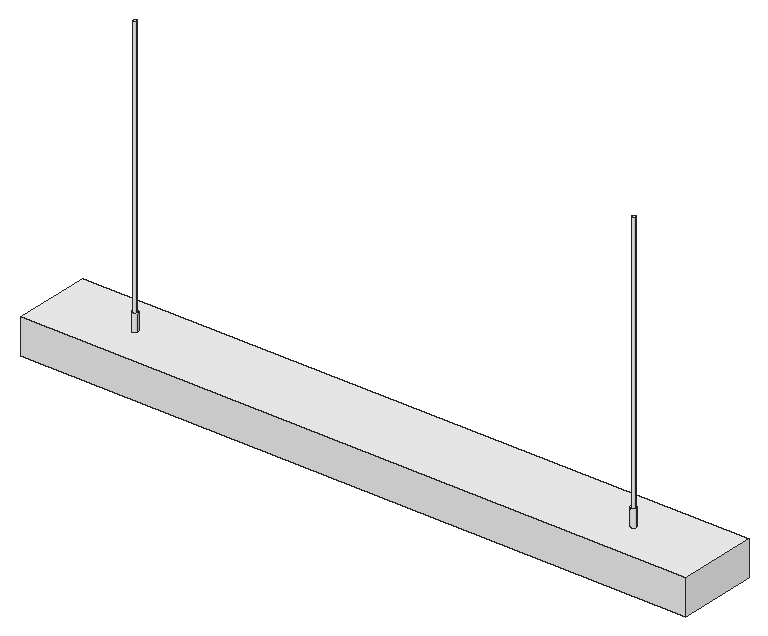
Revit family "Box Lean D - Ceiling based", category Lighting Fixtures, host Ceiling, Revit 2014
Parameters (values of type "Box Lean D 1200")
  Wattage = 21 W
  WarrantyGuarantorParts = "n/a"
  WarrantyDurationParts = "n/a"
  WarrantyDescription = "n/a"
  built-in parameter 1150110 = 1 (stored number, unit not read)
  Void = no
  Version = "v.1.0"
  Uniclass2 = "Pr_70_70_49_43 Light-Emitting Diode (LED) Luminaires"
  Uniclass 1.4 = "JY73"
  TotalWattage = "Max. 15W / 23W / 33W / 40W"
  built-in parameter 1114217 = 1 (stored number, unit not read)
  Tilt Angle = 90.00°
  built-in parameter 1150109 = 1 (stored number, unit not read)
  built-in parameter 1150134 = 12
  TagNumber = "n/a"
  SustainabilityPerformance = "n/a"
  Suspended Distance Bottom = Suspended Distance + Height 1  # 563 mm
  Suspended Distance = 500 mm
  built-in parameter 1150113 = 1 (stored number, unit not read)
  SupplyCircuitConductorConnections = "n/a"
  Size = "142 x 1200 x 63 mm"
  Shape = "Rectangle"
  ProductInformation = "http://riegens.com/box-lean"
  PhotometricPerformance = "In accordance with BS EN 13032-1"
  Photometric Web File = "Box Lean 1200 21W 4000K Satinmatt.ies"
  PhaseReference = "IEC recommendations"
  Optic = "Satin-matt double parabolic louvre (DP-SM)"
  NominalVoltage = "220-240V"
  ModelReference = "Box Lean D 1200"
  Material = "Steel, lens optic in PMMA, double parabolic louvre in Miro finish"
  ManufacturersSpecificInformation = "n/a"
  ManufacturerURL = "www.riegens.com"
  Manufacturer = "Riegens A/S"
  built-in parameter 1150105 = 178.81 (stored number, unit not read)
  Lumens = 2247 lm
  LuminaireType = "Direct LED Luminaire"
  LuminairePowerFactor = ">0,9"
  built-in parameter 1150115 = 1 (stored number, unit not read)
  LightSource = "LED 3000K / 4000K"
  LightFixturePlacingType = "Ceiling"
  LightFixtureMountingType = "Surface / Suspended"
  built-in parameter 1150137 = (empty or 0)
  built-in parameter 1150139 = (empty or 0)
  LampType = "LED"
  LampRating = "13W / 21W / 31W / 38W\r\n13W / 21W / 31W / 38W\r\n13W / 21W / 31W / 38W\r\n13W / 21W / 31W / 38W\r\n13W / 21W / 31W / 38W"
  LampColourRenderingIndex = "Ra>80"
  built-in parameter 1150112 = 1 (stored number, unit not read)
  built-in parameter 1150114 = 1 (stored number, unit not read)
  InternalFuse = "Only required in emergency versions"
  InsulationStandardClass = "Class 1"
  built-in parameter 1150132 = (empty or 0)
  built-in parameter 1150102 = (empty or 0)
  built-in parameter 1150107 = 4000 (stored number, unit not read)
  built-in parameter 1150138 = (empty or 0)
  built-in parameter 1150106 = 1.7881 (stored number, unit not read)
  IfcExportType = "NOTDEFINED"
  IfcExportAs = "IfcLightFixtureType"
  IP_Code = "IP20"
  Height 1 = 63 mm
  HasProtectiveEarth = "TRUE"
  Grade = "n/a"
  Glass = Riegens_Glass_opal
  Frame Width = 1200 mm
  Frame Depth = 142 mm
  Frame = Riegens_Steel_Powder coated white RAL901025
  Fixing point Suspended = 900 mm
  Fixing point Surface = 980 mm
  Fixing point Height = if(Suspended Distance = 0 mm, 5 mm, 30 mm)  # 30 mm
  Finish = "Powder coated"
  Features = "n/a"
  built-in parameter 1150104 = 9.9406 (stored number, unit not read)
  Documentation = "See URL hyperlink"
  DocumentReference = "See URL hyperlink"
  Dimming Lamp Color Temperature Shift = <None>
  Description = "70-80-35 General Lighting Systems"
  ControlGearPosition = "Integrated "
  Constituents = "n/a"
  Colour = "White"
  Color Filter = 16777215
  CodePerformance = "n/a"
  Cassette Width = 0 mm
  Cassette Depth = 0 mm
  CCSTopnode = "L"
  CCSClassName = "Belysningsarmatur"
  CCSClassCode = "UAC"
  BarCode = "n/a"
  BallastsCELMAEnergyEfficiencyIndex = "Class A1/A2"
  built-in parameter 1114218 = 1 (stored number, unit not read)
  BSAB 96 = "SNB.2"
  BIMObjectName = "Box Lean D 1200.rfa"
  Author = "3dbyggeri"
  built-in parameter 1150133 = 10 (stored number, unit not read)
  AssetType = "Moveable/Fixed"
  AssetIdentifier = "n/a"
  ArticleNumber = "See URL hyperlink"
  AccessibilityPerformance = "n/a"
Types (2, lengths in mm): name | Wattage | TotalWattage | Size | Photometric Web File | ModelReference | built-in parameter 1150105 | Lumens | LampRating | built-in parameter 1150106 | Frame Width | Fixing point Suspended | Fixing point Surface | built-in parameter 1150104 | BIMObjectName
  Box Lean D 1200 | 21 W | "Max. 15W / 23W / 33W / 40W" | "142 x 1200 x 63 mm" | "Box Lean 1200 21W 4000K Satinmatt.ies" | "Box Lean D 1200" | 178.81 (stored number, unit not read) | 2247 lm | "13W / 21W / 31W / 38W\r\n13W / 21W / 31W / 38W\r\n13W / 21W / 31W / 38W\r\n13W / 21W / 31W / 38W\r\n13W / 21W / 31W / 38W" | 1.7881 (stored number, unit not read) | 1200 | 900 | 980 | 9.9406 (stored number, unit not read) | "Box Lean D 1200.rfa"
  Box Lean D 1500 | 48 W | "Max. 50W" | "142 x 1500 x 63 mm" | "Box Lean 1500 48W 4000K DP Satinmatt.ies" | "Box Lean D 1500" | 370.51 (stored number, unit not read) | 4656 lm | "48W" | 3.7051 (stored number, unit not read) | 1500 | 1200 | 1280 | 9.0116 (stored number, unit not read) | "Box Lean D 1500.rfa"
Reference planes
  plane 1 "Center (Front/Back)": y = 0
  plane 2: z = 0
  plane 3 "Center (Left/Right)": x = 0
  plane 4 "Ceiling": z = 4000
  plane 5: z = 3437
Dimensions and locks
  equal spacing: host sketch curve, plane 3 "Center (Left/Right)", host sketch curve
  equal spacing: host sketch curve, plane 1 "Center (Front/Back)", host sketch curve
  host sketch curve to host sketch curve = 4000 mm  (x2)
  locked: plane 4 "Ceiling" to host ceiling at 0
  "Suspended Distance Bottom": plane 5 to plane 4 "Ceiling"
  "Suspended Distance": plane 4 "Ceiling" to nested 1
  aligned and locked: plane 5 to nested 1
  aligned and locked: plane 3 "Center (Left/Right)" to nested 1
  aligned and locked: plane 1 "Center (Front/Back)" to nested 1
  aligned and locked: plane 5 to imposter light
Nested families
  nested 1: "Boxlean" at (0, 0, 3437), type "Boxlean"
Connectors
  electrical at (0, 0, 3500)
    settings: on nested 1, index 1, voltage 0 V, apparent load 0 VA, apparent load phase1 0 VA, apparent load phase2 0 VA, apparent load phase3 0 VA, power factor 1, load classification "Other", number of poles 1, system type 31, power factor state 1, is connector primary yes, connector utility no, sub classification motor no, connector description ""
Definition of nested family "Boxlean"
  Parameters (values of type "Boxlean")
    Void Thickness = if(Void, -2 mm, 2 mm)  # 2 mm
    Void = no
    Suspended Distance = 500 mm
    Height 1 = 63 mm
    Glass = Riegens_Glass_opal
    Frame Width = 1200 mm
    Frame Depth = 142 mm
    Frame = Riegens_Steel_Powder coated white RAL901025
    Fixing point Suspended = 900 mm
    Fixing point Height = 30 mm
  Reference planes
    plane 1 "Center (Front/Back)": y = 0
    plane 2: z = 0
    plane 3 "Center (Left/Right)": x = 0
    plane 4: x = -600
    plane 5: x = 600
    plane 6: y = 71
    plane 7: y = -71
    plane 8: y = 41
    plane 9: y = -41
    plane 10: x = -578
    plane 11: x = 578
    plane 12: x = -280
    plane 13: x = 280
    plane 14: y = 17.5
    plane 15: y = -17.5
    plane 16: z = 63
    plane 17: x = -450
    plane 18: x = 450
    plane 19: z = 93
    plane 20: z = 93
  Forms (mm)
    Extrusion 1, solid, material "Riegens_Steel_Powder coated white RAL901025" <- "Frame"
      sketch origin (185, 184, 0) x (1, 0, 0) y (0, 1, 0)
        loop
          line (-785, -113) -> (-785, -255) -> (415, -255) -> (415, -113) -> (-785, -113)
      from 0 to 63
    Extrusion 2, void
      sketch origin (0, 0, 0) x (1, 0, 0) y (0, 1, 0)
        loop
          line (-578, 41) -> (-578, -41) -> (578, -41) -> (578, 41) -> (-578, 41)
      from 0.5 to 0
    Extrusion 3, solid, material "Riegens_Glass_opal" <- "Glass"
      sketch origin (0, 0, 0) x (1, 0, 0) y (0, 1, 0)
        loop
          line (-578, 41) -> (-578, -41) -> (578, -41) -> (578, 41) -> (-578, 41)
      from 0.5 to 0
    Extrusion 4, solid, material "Riegens_Steel_Powder coated white RAL901025" <- "Frame"
      sketch origin (-1162.9, -1524, 63) x (-1, 0, 0) y (0, -1, 0)
        loop
          circle (-712.9, -1524) r 5
      from 0 to 30
    Extrusion 5, solid, material "Riegens_Steel_Powder coated white RAL901025" <- "Frame"
      sketch origin (-1162.9, -1524, 63) x (-1, 0, 0) y (0, -1, 0)
        loop
          circle (-1612.9, -1524) r 5
      from 0 to 30
    Extrusion 6, solid, material "Riegens_Steel_Powder coated white RAL901025" <- "Frame"
      sketch origin (-62.799, -1524, 93) x (-1, 0, 0) y (0, -1, 0)
        loop
          circle (-512.799, -1524) r 3
      from 0 to 470
    Extrusion 7, solid, material "Riegens_Steel_Powder coated white RAL901025" <- "Frame"
      sketch origin (-62.799, -1524, 93) x (-1, 0, 0) y (0, -1, 0)
        loop
          circle (387.201, -1524) r 3
      from 0 to 470
  Cuts and joins
    Extrusion 2 cuts Extrusion 1
  Lines and regions (mm)
    reference lines
      curve 1: line (-100.514, 0, 563) -> (99.486, 0, 563)
    model lines
      curve 2: line (-578, -41, 0) -> (-578, 41, 0)
      curve 3: line (578, -41, 0) -> (578, 41, 0)
      curve 4: line (-544.971, -41, 0) -> (-544.971, 41, 0)
      curve 5: line (-511.943, -41, 0) -> (-511.943, 41, 0)
      curve 6: line (-478.914, -41, 0) -> (-478.914, 41, 0)
      curve 7: line (-445.886, -41, 0) -> (-445.886, 41, 0)
      curve 8: line (-412.857, -41, 0) -> (-412.857, 41, 0)
      curve 9: line (-379.829, -41, 0) -> (-379.829, 41, 0)
      curve 10: line (-346.8, -41, 0) -> (-346.8, 41, 0)
      curve 11: line (-313.771, -41, 0) -> (-313.771, 41, 0)
      curve 12: line (-280.743, -41, 0) -> (-280.743, 41, 0)
      curve 13: line (-247.714, -41, 0) -> (-247.714, 41, 0)
      curve 14: line (-214.686, -41, 0) -> (-214.686, 41, 0)
      curve 15: line (-181.657, -41, 0) -> (-181.657, 41, 0)
      curve 16: line (-148.629, -41, 0) -> (-148.629, 41, 0)
      curve 17: line (-115.6, -41, 0) -> (-115.6, 41, 0)
      curve 18: line (-82.571, -41, 0) -> (-82.571, 41, 0)
      curve 19: line (-49.543, -41, 0) -> (-49.543, 41, 0)
      curve 20: line (-16.514, -41, 0) -> (-16.514, 41, 0)
      curve 21: line (16.514, -41, 0) -> (16.514, 41, 0)
      curve 22: line (49.543, -41, 0) -> (49.543, 41, 0)
      curve 23: line (82.571, -41, 0) -> (82.571, 41, 0)
      curve 24: line (115.6, -41, 0) -> (115.6, 41, 0)
      curve 25: line (148.629, -41, 0) -> (148.629, 41, 0)
      curve 26: line (181.657, -41, 0) -> (181.657, 41, 0)
      curve 27: line (214.686, -41, 0) -> (214.686, 41, 0)
      curve 28: line (247.714, -41, 0) -> (247.714, 41, 0)
      curve 29: line (280.743, -41, 0) -> (280.743, 41, 0)
      curve 30: line (313.771, -41, 0) -> (313.771, 41, 0)
      curve 31: line (346.8, -41, 0) -> (346.8, 41, 0)
      curve 32: line (379.829, -41, 0) -> (379.829, 41, 0)
      curve 33: line (412.857, -41, 0) -> (412.857, 41, 0)
      curve 34: line (445.886, -41, 0) -> (445.886, 41, 0)
      curve 35: line (478.914, -41, 0) -> (478.914, 41, 0)
      curve 36: line (511.943, -41, 0) -> (511.943, 41, 0)
      curve 37: line (544.971, -41, 0) -> (544.971, 41, 0)
  Dimensions and locks
    "Frame Width": plane 4 to plane 5
    "Frame Depth": plane 6 to plane 7
    locked: plane 12 to plane 13 at 560
    plane 14 to plane 15 = 35 mm
    equal spacing: plane 4, plane 3 "Center (Left/Right)", plane 5
    locked: plane 4 to plane 10 at 22
    locked: plane 11 to plane 5 at 22
    equal spacing: plane 12, plane 3 "Center (Left/Right)", plane 13
    equal spacing: plane 6, plane 1 "Center (Front/Back)", plane 7
    equal spacing: plane 14, plane 1 "Center (Front/Back)", plane 15
    locked: plane 6 to plane 8 at 30
    locked: plane 9 to plane 7 at 30
    "Height 1": plane 16 to plane 2
    "Suspended Distance": curve 1 to plane 16
    equal spacing: group 1, group 3, group 4, group 5, group 6, group 7, group 8, group 9, group 10, group 11, group 12, group 13, group 14, group 15, group 16, group 17, group 18, group 19, group 20, group 21, group 22, group 23, group 24, group 25, group 26, group 27, group 28, group 29, group 30, group 31, group 32, group 33, group 34, group 35, group 36, group 2  (x3)
    equal spacing: plane 17, plane 3 "Center (Left/Right)", plane 18
    "Fixing point Suspended": plane 17 to plane 18
    cut or joined group of Extrusion 1, Extrusion 2 to plane 19 = 30 mm
    "Fixing point Height": plane 20 to plane 16
    aligned and locked: Extrusion 1 to plane 4
    aligned and locked: Extrusion 1 to plane 5
    aligned and locked: plane 7 to Extrusion 1
    aligned and locked: plane 6 to Extrusion 1
    aligned and locked: Extrusion 3 to plane 8
    aligned and locked: Extrusion 3 to plane 9
    aligned and locked: plane 10 to Extrusion 3
    aligned and locked: plane 11 to Extrusion 3
    aligned and locked: plane 17 to Extrusion 4 sketch curve
    aligned and locked: plane 18 to Extrusion 5 sketch curve
    aligned and locked: plane 18 to Extrusion 6 sketch curve
    aligned and locked: plane 17 to Extrusion 7 sketch curve
    aligned and locked: curve 3 to Extrusion 3
    aligned and locked: curve 2 to Extrusion 3
    aligned and locked: plane 16 to cut or joined group of Extrusion 1, Extrusion 2
    aligned and locked: Extrusion 5 to plane 16
    aligned and locked: Extrusion 4 to plane 16
    aligned and locked: plane 20 to Extrusion 4
    aligned and locked: plane 20 to Extrusion 5
    aligned and locked: plane 20 to plane 19
    aligned and locked: curve 1 to Extrusion 7
    aligned and locked: Extrusion 6 to curve 1
  Automatic sketch dimensions
    Extrusion 1 sketch curve to plane 4 = 0 mm
    Extrusion 1 sketch curve to plane 5 = 0 mm
    plane 7 to Extrusion 1 sketch curve = 0 mm
    Extrusion 1 sketch curve to plane 6 = 0 mm
    Extrusion 2 sketch curve to plane 9 = 0 mm
    Extrusion 2 sketch curve to plane 10 = 0 mm
    Extrusion 2 sketch curve to plane 11 = 0 mm
    plane 8 to Extrusion 2 sketch curve = 0 mm
    Extrusion 3 sketch curve to plane 9 = 0 mm
    Extrusion 3 sketch curve to plane 10 = 0 mm
    Extrusion 3 sketch curve to plane 11 = 0 mm
    plane 8 to Extrusion 3 sketch curve = 0 mm
    plane 1 "Center (Front/Back)" to Extrusion 4 sketch curve = 0 mm
    plane 1 "Center (Front/Back)" to Extrusion 5 sketch curve = 0 mm
    plane 1 "Center (Front/Back)" to Extrusion 6 sketch curve = 0 mm
    plane 1 "Center (Front/Back)" to Extrusion 7 sketch curve = 0 mm
    curve 1 to plane 3 "Center (Left/Right)" = 100.514 mm
    plane 3 "Center (Left/Right)" to curve 1 = 99.486 mm
    radius of Extrusion 4 sketch curve = 5 mm
    radius of Extrusion 5 sketch curve = 5 mm
    radius of Extrusion 6 sketch curve = 3 mm
    radius of Extrusion 7 sketch curve = 3 mm
